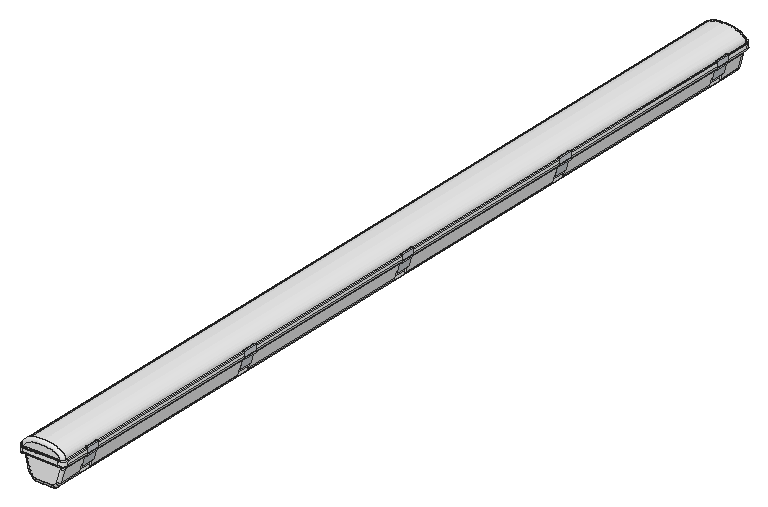
Revit family "0049130_s1200", category Lighting Fixtures, host Face, Revit 2017
Family settings
  Host = Face
  Round Connector Dimension = Use Diameter
  Part Type = Normal
  OmniClass Number = 23.80.70.11.14
  OmniClass Title = General Luminaries, Directional
  Cut with Voids When Loaded = Yes
  Light Source = Yes
  Shared = No
  Room Calculation Point = No
Parameters (values of type "0049130 ST WTRPRF S 1200 IP65 2800LM 840 SSH")
  Width = 84 mm
  Weight = "1.76 kg"
  Wattage Comments = "n/a"
  Wattage = 24 W
  WarrantyStartDate [instance] = "n/a"
  WarrantyGuarantorParts = "n/a"
  WarrantyDurationUnit = "n/a"
  WarrantyDurationParts = "n/a"
  WarrantyDescription = "n/a"
  built-in parameter 1150110 = 1 (stored number, unit not read)
  Voltage = 0 V
  URL = "http://www.sylvania-lighting.com"
  TypeName = "START Waterproof Single 1200 IP65 2800lm 840 SSH"
  Type Image = <None>
  Type Comments = "n/a"
  built-in parameter 1114217 = 1 (stored number, unit not read)
  Tilt Angle = -90.00°
  built-in parameter 1150109 = 1 (stored number, unit not read)
  built-in parameter 1150134 = 12
  built-in parameter 1150113 = 1 (stored number, unit not read)
  SerialNumber [instance] = "n/a"
  ReflectorMaterial = none
  PowerFactor = 0.96
  PowerConsumption = "24 W"
  Photometric Web File = "0049130.ies"
  NominalWidth = 0 mm
  NominalLength = 1278 mm
  NominalHeight = 75 mm
  Name = "START Waterproof Single 1200 IP65 2800lm 840 SSH"
  ModelReference = "START Waterproof Single 1200 IP65 2800lm 840 SSH"
  ModelNumber = "0049130"
  Model = "START Waterproof Single 1200 IP65 2800lm 840 SSH"
  Material = "pc polycarbonate housing, pc polycarbonate diffuser"
  ManufacturerName = "Feilo Sylvania"
  Manufacturer = "Feilo Sylvania"
  LuminousEfficacy = "115 lm/W"
  built-in parameter 1150105 = 219.63 (stored number, unit not read)
  Lumens = 2760 lm
  LuminaireType = ""
  built-in parameter 1150115 = 1 (stored number, unit not read)
  LightOutputRatio = "n/a"
  built-in parameter 1150137 = (empty or 0)
  built-in parameter 1150139 = (empty or 0)
  Length = 1572 mm
  LampsType = Lamp  # "LED"
  LampNominalLuminous = "2750 lm"
  LampMacAdamStep = "n/a"
  LampColourTemperature = "4000 K"
  LampColourRenderingIndex = "80"
  built-in parameter 1150112 = 1 (stored number, unit not read)
  built-in parameter 1150114 = 1 (stored number, unit not read)
  Lamp = "LED"
  Keynote = "16500"
  InstallationDate [instance] = "n/a"
  InputVoltage = "n/a"
  InputNominalFrequency = "n/a"
  built-in parameter 1150132 = (empty or 0)
  built-in parameter 1150102 = (empty or 0)
  built-in parameter 1150107 = 4000 (stored number, unit not read)
  built-in parameter 1150138 = (empty or 0)
  IngressProtection = "IP65"
  ImpactProtectionIndex = "IK08"
  built-in parameter 1150106 = 2.1963 (stored number, unit not read)
  IfcExportType = "IfcLightFixtureType"
  IfcExportAs = "IfcLightFixtureType"
  ExpectedLife = 50000
  Emit from Rectangle Width = Width - 20 mm  # 64 mm
  Emit from Rectangle Length = Length - 20 mm  # 1552 mm
  Emit Shape Visible in Rendering = no
  ElectricShockClassification = "Class I"
  built-in parameter 1150104 = 10.684 (stored number, unit not read)
  DurationUnit = "hours"
  DocumentationLiterature = "http://www.sylvania-lighting.com/product/en-int/products/0049130"
  DimmingControlOptions = "n/a"
  Dimming Lamp Color Temperature Shift = <None>
  DiffuserMaterial = Diffuser-Sylvania-Transparent
  Description = "Start Waterproof, integrated LED weatherproof luminaire, with UV stabilized flat diffuser and linear prisms designed to achieve uniform lit appearance, optimise light output and to reduce glare, stainless steel diffuser clips and fixing brackets for surface mounting. Polycarbonate housing, Polycarbonate diffuser, 2750 lm, 24 W, 115 lm/W, 4000 K, drive current 350 mA, SSH,  CRI80, IP65, IK08, Class I,  nominal average life (h): 50,000 hrs, 1278 mm x 84 mm x 75 mm, energy class: A++ A+ A, D-mark"
  Default Elevation = 1219.2 mm
  CreatedOn = "7/11/2019"
  CreatedBy = "@sylvania-lighting.com"
  Cost = 0
  Color Filter = 16777215
  built-in parameter 1114216 [instance] = (empty or 0)
  ClassificationValue = "EF_70_80"
  ClassificationName = "Uniclass2015"
  BodyMaterial = Body-Sylvania-Gray
  BarCode [instance] = "n/a"
  built-in parameter 1114218 = 1 (stored number, unit not read)
  built-in parameter 1150133 = 10 (stored number, unit not read)
  AssetType = "Fixed"
  AssetIdentifier [instance] = "n/a"
  Assembly Code = "D5020200"
  Apparent Load = 24 VA
  AccessoryMaterial = Diffuser-Sylvania-Glow
Reference planes
  plane 1 "Center (Front/Back)": y = 0
  plane 2: z = 0
  plane 3 "Center (Left/Right)": x = 0
  plane 4: z = 54
  plane 5: x = -14.7
  plane 6: x = -21.8
  plane 7: x = -26.6
  plane 8: x = -29.2
  plane 9: z = 3
  plane 10: z = 7.8
  plane 11: z = 12.3
  plane 12: z = 36.6
  plane 13: z = 42.8
  plane 14: x = -38.1
  plane 15: z = 46.2
  plane 16: x = -42
  plane 17: y = 786
  plane 18: y = -786
  plane 19: x = 14.7
  plane 20: x = 21.8
  plane 21: x = 26.6
  plane 22: x = 29.2
  plane 23: x = 38.1
  plane 24: x = 42
  plane 25: y = 778.4
  plane 26: y = -778.4
  plane 27: y = -774.7
  plane 28: y = 774.7
  plane 29: z = 74
  plane 30: x = -38.5
  plane 31: x = 38.5
  plane 32: z = 55.2
  plane 33: y = -782.5
  plane 34: y = 782.5
  plane 35: x = -24.5
  plane 36: x = 24.5
  plane 37: x = -35.7
  plane 38: x = 35.7
  plane 39: z = 50.2
  plane 40: z = 24.6
  plane 41: y = -720
  plane 42: y = -734
  plane 43: y = -706
  plane 44: y = 720
  plane 45: y = -720
  plane 46: y = -734
  plane 47: y = -706
  plane 48: y = 720
  plane 49: y = 706
  plane 50: y = 734
  plane 51: y = -360
  plane 52: y = -374
  plane 53: y = -346
  plane 54: y = 0
  plane 55: y = -14
  plane 56: y = 14
  plane 57: y = 360
  plane 58: y = 346
  plane 59: y = 374
Forms (mm)
  Sweep 1, solid, material "Body-Sylvania-Gray" <- "BodyMaterial", detail levels medium+fine
    path origin (1223.4, -4572, 54) x (0, -1, 0) y (1, 0, 0)
      loop
        arc (-3796, -1265.4) -> (-3788.929, -1262.471) -> (-3786, -1255.4) r 10
        line (-3786, -1255.4) -> (-3786, -1191.4)
        arc (-3786, -1191.4) -> (-3788.929, -1184.329) -> (-3796, -1181.4) r 10
        line (-3796, -1181.4) -> (-5348, -1181.4)
        arc (-5348, -1181.4) -> (-5355.071, -1184.329) -> (-5358, -1191.4) r 10
        line (-5358, -1191.4) -> (-5358, -1255.4)
        arc (-5358, -1255.4) -> (-5355.071, -1262.471) -> (-5348, -1265.4) r 10
        line (-5348, -1265.4) -> (-3796, -1265.4)
    profile origin (-42, 0, 54) x (-1, 0, 0) y (0, 0, 1)
      loop
        line (0, 0) -> (-1, 0) -> (-1, -7.726)
        arc (-1, -7.726) -> (-1.994, -9.498) -> (-3.9, -10.2) r 2.937
        line (-3.9, -10.2) -> (-8.571, -10.2) -> (-8.571, -11.2) -> (-3.9, -11.2)
        arc (-3.9, -11.2) -> (-1.313, -10.231) -> (0, -7.8) r 3.937
        line (0, -7.8) -> (0, 0)
  Sweep 2, solid, material "Body-Sylvania-Gray" <- "BodyMaterial", detail levels medium+fine
    path origin (0, 0, 0) x (1, 0, 0) y (0, 0, 1)
      loop
        line (35.7, 42.8) -> (35.7, 36.6) -> (29.203, 12.31)
        arc (29.203, 12.31) -> (28.199, 9.884) -> (26.6, 7.8) r 10.052
        line (26.6, 7.8) -> (21.8, 3)
        arc (21.8, 3) -> (18.554, 0.781) -> (14.7, 0) r 9.902
        line (14.7, 0) -> (0, 0) -> (-14.7, 0)
        arc (-14.7, 0) -> (-18.554, 0.781) -> (-21.8, 3) r 9.902
        line (-21.8, 3) -> (-26.6, 7.8)
        arc (-26.6, 7.8) -> (-28.199, 9.884) -> (-29.203, 12.31) r 10.052
        line (-29.203, 12.31) -> (-35.7, 36.6) -> (-35.7, 42.8)
    profile origin (0, 0, 0) x (0, 0, -1) y (0, -1, 0)
      loop
        arc (0, 773.4) -> (-1.464, 776.936) -> (-5, 778.4) r 5
        line (-5, 778.4) -> (-7.8, 778.4) -> (-7.8, -778.4) -> (-5, -778.4)
        arc (-5, -778.4) -> (-1.464, -776.936) -> (0, -773.4) r 5
        line (0, -773.4) -> (0, 773.4)
  Extrusion 3, solid, material "Body-Sylvania-Gray" <- "BodyMaterial", detail levels medium+fine
    sketch origin (1524, 778.4, 1219.2) x (1, 0, 0) y (0, 0, 1)
      loop
        arc (-1545.668, -1204.874) -> (-1545.443, -1205.418) -> (-1545.085, -1205.885) r 2.252
        line (-1545.085, -1205.885) -> (-1540.231, -1210.738)
        arc (-1540.231, -1210.738) -> (-1539.534, -1211.227) -> (-1538.7, -1211.4) r 2.102
        line (-1538.7, -1211.4) -> (-1509.3, -1211.4)
        arc (-1509.3, -1211.4) -> (-1508.466, -1211.227) -> (-1507.769, -1210.738) r 2.102
        line (-1507.769, -1210.738) -> (-1502.915, -1205.885)
        arc (-1502.915, -1205.885) -> (-1502.557, -1205.418) -> (-1502.332, -1204.874) r 2.252
        line (-1502.332, -1204.874) -> (-1496.1, -1181.575) -> (-1496.1, -1176.4) -> (-1551.9, -1176.4) -> (-1551.9, -1181.575) -> (-1545.668, -1204.874)
    from 0 to 1556.8
  Sweep 4, solid, material "Diffuser-Sylvania-Transparent" <- "DiffuserMaterial", detail levels medium+fine
    path origin (0, 0, 0) x (1, 0, 0) y (0, 0, 1)
      loop
        spline (-38.5, 55.2) -> (-37.188, 60.066) -> (-33.342, 64.6) -> (-27.224, 68.494) -> (-19.25, 71.481) -> (-9.965, 73.359) -> (0, 74) -> (9.965, 73.359) -> (19.25, 71.481) -> (27.224, 68.494) -> (33.342, 64.6) -> (37.188, 60.066) -> (38.5, 55.2)
    profile origin (38.5, 0, 55.2) x (0, -1, 0) y (1, 0, 0)
      loop
        arc (782.5, -5.5) -> (780.889, -1.611) -> (777, 0) r 5.5
        line (777, 0) -> (-777, 0)
        arc (-777, 0) -> (-780.889, -1.611) -> (-782.5, -5.5) r 5.5
        line (-782.5, -5.5) -> (-782.5, -6.3) -> (-781.5, -6.3) -> (-781.5, -5.5)
        arc (-781.5, -5.5) -> (-780.182, -2.318) -> (-777, -1) r 4.5
        line (-777, -1) -> (777, -1)
        arc (777, -1) -> (780.182, -2.318) -> (781.5, -5.5) r 4.5
        line (781.5, -5.5) -> (781.5, -6.347) -> (782.5, -6.347) -> (782.5, -5.5)
  Extrusion 5, solid, material "Diffuser-Sylvania-Transparent" <- "DiffuserMaterial", detail levels medium+fine
    sketch origin (1524, -782.5, 1219.2) x (1, 0, 0) y (0, 0, 1)
      loop
        line (-1556.653, -1164) -> (-1491.347, -1164)
        spline (-1491.347, -1164) -> (-1491.939, -1161.945) -> (-1494.434, -1159.066) -> (-1499.342, -1155.96) -> (-1506.338, -1153.35) -> (-1514.799, -1151.648) -> (-1524, -1151.047) -> (-1533.201, -1151.648) -> (-1541.662, -1153.35) -> (-1548.658, -1155.96) -> (-1553.566, -1159.066) -> (-1556.061, -1161.945) -> (-1556.653, -1164)
    from 0 to -1
  Extrusion 6, solid, material "Diffuser-Sylvania-Transparent" <- "DiffuserMaterial", detail levels medium+fine
    sketch origin (1524, 782.5, 1219.2) x (1, 0, 0) y (0, 0, 1)
      loop
        spline (-1491.3, -1164) -> (-1491.898, -1161.922) -> (-1494.404, -1159.03) -> (-1499.322, -1155.918) -> (-1506.325, -1153.305) -> (-1514.793, -1151.602) -> (-1524, -1151) -> (-1533.207, -1151.602) -> (-1541.675, -1153.305) -> (-1548.678, -1155.918) -> (-1553.596, -1159.03) -> (-1556.102, -1161.922) -> (-1556.7, -1164)
        line (-1556.7, -1164) -> (-1491.3, -1164)
    from 0 to 1
  Extrusion 7, solid, material "Diffuser-Sylvania-Glow" <- "AccessoryMaterial", detail levels fine
    sketch origin (0, 0, 0) x (1, 0, 0) y (0, 0, 1)
      loop
        circle (0, 50.2) r 8
    from -774.7 to 774.7
  Extrusion 8, void
    sketch origin (0, -720, 2343.807) x (0, 0, -1) y (-1, 0, 0)
      loop
        line (2340.807, -24.5) -> (2331.507, -24.5) -> (2319.207, -29.2) -> (2319.207, -35.7) -> (2340.807, -35.7) -> (2340.807, -24.5)
      loop
        line (2340.807, 24.5) -> (2340.807, 35.7) -> (2319.207, 35.7) -> (2319.207, 29.2) -> (2331.507, 24.5) -> (2340.807, 24.5)
    from 14 to -14
  Extrusion 9, void, not visible
    sketch origin (0, -720, 2343.807) x (0, 0, -1) y (-1, 0, 0)
      loop
        line (2340.807, -24.5) -> (2331.507, -24.5) -> (2319.207, -29.2) -> (2319.207, -35.7) -> (2340.807, -35.7) -> (2340.807, -24.5)
      loop
        line (2340.807, 24.5) -> (2340.807, 35.7) -> (2319.207, 35.7) -> (2319.207, 29.2) -> (2331.507, 24.5) -> (2340.807, 24.5)
    from 14 to -14
  Extrusion 10, void
    sketch origin (0, 720, 2343.807) x (0, 0, -1) y (-1, 0, 0)
      loop
        line (2340.807, -24.5) -> (2331.507, -24.5) -> (2319.207, -29.2) -> (2319.207, -35.7) -> (2340.807, -35.7) -> (2340.807, -24.5)
      loop
        line (2340.807, 24.5) -> (2340.807, 35.7) -> (2319.207, 35.7) -> (2319.207, 29.2) -> (2331.507, 24.5) -> (2340.807, 24.5)
    from 14 to -14
  Extrusion 11, void
    sketch origin (0, -360, 2343.807) x (0, 0, -1) y (-1, 0, 0)
      loop
        line (2340.807, -24.5) -> (2331.507, -24.5) -> (2319.207, -29.2) -> (2319.207, -35.7) -> (2340.807, -35.7) -> (2340.807, -24.5)
      loop
        line (2340.807, 24.5) -> (2340.807, 35.7) -> (2319.207, 35.7) -> (2319.207, 29.2) -> (2331.507, 24.5) -> (2340.807, 24.5)
    from 14 to -14
  Extrusion 12, void
    sketch origin (0, 0, 2343.807) x (0, 0, -1) y (-1, 0, 0)
      loop
        line (2340.807, -24.5) -> (2331.507, -24.5) -> (2319.207, -29.2) -> (2319.207, -35.7) -> (2340.807, -35.7) -> (2340.807, -24.5)
      loop
        line (2340.807, 24.5) -> (2340.807, 35.7) -> (2319.207, 35.7) -> (2319.207, 29.2) -> (2331.507, 24.5) -> (2340.807, 24.5)
    from 14 to -14
  Extrusion 13, void
    sketch origin (0, 360, 2343.807) x (0, 0, -1) y (-1, 0, 0)
      loop
        line (2340.807, -24.5) -> (2331.507, -24.5) -> (2319.207, -29.2) -> (2319.207, -35.7) -> (2340.807, -35.7) -> (2340.807, -24.5)
      loop
        line (2340.807, 24.5) -> (2340.807, 35.7) -> (2319.207, 35.7) -> (2319.207, 29.2) -> (2331.507, 24.5) -> (2340.807, 24.5)
    from 14 to -14
  Extrusion 14, solid, material "Diffuser-Sylvania-Transparent" <- "DiffuserMaterial", detail levels medium+fine
    sketch origin (1223.4, -4572, 54) x (0, -1, 0) y (-1, 0, 0)
      loop
        arc (-5348, 1265.4) -> (-5355.071, 1262.471) -> (-5358, 1255.4) r 10
        line (-5358, 1255.4) -> (-5358, 1191.4)
        arc (-5358, 1191.4) -> (-5355.071, 1184.329) -> (-5348, 1181.4) r 10
        line (-5348, 1181.4) -> (-3796, 1181.4)
        arc (-3796, 1181.4) -> (-3788.929, 1184.329) -> (-3786, 1191.4) r 10
        line (-3786, 1191.4) -> (-3786, 1255.4)
        arc (-3786, 1255.4) -> (-3788.929, 1262.471) -> (-3796, 1265.4) r 10
        line (-3796, 1265.4) -> (-5348, 1265.4)
      loop
        arc (-5354.5, 1190.394) -> (-5352.887, 1186.509) -> (-5349, 1184.9) r 5.5
        line (-5349, 1184.9) -> (-3795, 1184.9)
        arc (-3795, 1184.9) -> (-3791.113, 1186.509) -> (-3789.5, 1190.394) r 5.5
        line (-3789.5, 1190.394) -> (-3789.5, 1256.406)
        arc (-3789.5, 1256.406) -> (-3791.113, 1260.291) -> (-3795, 1261.9) r 5.5
        line (-3795, 1261.9) -> (-5349, 1261.9)
        arc (-5349, 1261.9) -> (-5352.887, 1260.291) -> (-5354.5, 1256.406) r 5.5
        line (-5354.5, 1256.406) -> (-5354.5, 1190.394)
    from 0 to -1.2
  Extrusion 15, solid, material "Body-Sylvania-Gray" <- "BodyMaterial", detail levels coarse
    sketch origin (0, 0, 0) x (1, 0, 0) y (0, 0, 1)
      loop
        line (-42, 55.2) -> (-42, 42.8) -> (-26.6, 0) -> (26.6, 0) -> (42, 42.8) -> (42, 55.2) -> (-42, 55.2)
    from -786 to 786
  Extrusion 16, solid, material "Diffuser-Sylvania-Transparent" <- "DiffuserMaterial", detail levels coarse
    sketch origin (0, 0, 0) x (1, 0, 0) y (0, 0, 1)
      loop
        line (-38.5, 55.2) -> (38.5, 55.2)
        arc (38.5, 55.2) -> (0, 74) -> (-38.5, 55.2) r 48.822
    from -778.4 to 778.4
Cuts and joins
  Extrusion 8, Extrusion 10, Extrusion 11, Extrusion 12, Extrusion 13 cuts Sweep 2
  Extrusion 8, Extrusion 10, Extrusion 11, Extrusion 12, Extrusion 13 cuts Extrusion 3
  joined: Sweep 2, Extrusion 3
  joined: Sweep 4, Extrusion 5, Extrusion 6, Extrusion 14
Dimensions and locks
  locked: plane 4 to plane 2 at 54
  plane 5 to plane 6 to plane 7 to plane 8 to plane 14 to plane 16 = 7.1 mm locked, 4.8 mm locked, 2.6 mm locked, 8.9 mm locked, 3.9 mm locked
  plane 4 to plane 15 to plane 13 to plane 12 to plane 11 to plane 10 to plane 9 = 7.8 mm locked, 3.4 mm, 6.2 mm locked, 24.3 mm locked, 4.5 mm locked, 4.8 mm locked
  equal spacing: plane 18, plane 1 "Center (Front/Back)", plane 17
  "Length": plane 18 to plane 17
  plane 19 to plane 20 to plane 21 to plane 22 to plane 23 to plane 24 = 7.1 mm locked, 4.8 mm locked, 2.6 mm locked, 8.9 mm, 3.9 mm
  equal spacing: plane 24, plane 3 "Center (Left/Right)", plane 16
  "Width": plane 24 to plane 16
  equal spacing: plane 27, plane 1 "Center (Front/Back)", plane 28
  locked: plane 26 to plane 27 at 3.7
  locked: Sweep 1 sketch curve to profile plane at 1
  locked: Sweep 1 sketch curve to plane 13 at 1
  locked: Sweep 1 sketch curve to plane 13 at 3.937  (x2)
  locked: Sweep 1 sketch curve to profile plane at 3.9  (x2)
  plane 29 to plane 4 = 20 mm
  equal spacing: plane 31, plane 3 "Center (Left/Right)", plane 30
  locked: plane 30 to plane 16 at 3.5
  locked: plane 32 to plane 4 at 1.2
  equal spacing: plane 33, plane 1 "Center (Front/Back)", plane 34
  equal spacing: plane 36, plane 3 "Center (Left/Right)", plane 35
  locked: plane 34 to plane 17 at 3.5
  equal spacing: plane 38, plane 3 "Center (Left/Right)", plane 37
  locked: plane 37 to plane 16 at 6.3
  equal spacing: plane 25, plane 1 "Center (Front/Back)", plane 26
  locked: plane 17 to plane 25 at 7.6
  locked: Sweep 2 sketch curve to plane 2 at 5  (x2)
  locked: Sweep 2 sketch curve to plane 26 at 5
  locked: plane 25 to Sweep 2 sketch curve at 5
  locked: Sweep 4 sketch curve to plane 31 at 5.5  (x2)
  locked: Sweep 4 sketch curve to plane 34 at 5.5
  plane 33 to Sweep 4 sketch curve = 5.5 mm
  locked: plane 34 to Sweep 4 sketch curve at 1
  locked: Sweep 4 sketch curve to plane 31 at 1
  locked: Sweep 4 sketch curve to Sweep 4 sketch curve at 1
  locked: Sweep 4 sketch curve to plane 31 at 6.347
  locked: Sweep 4 sketch curve to plane 31 at 6.3
  locked: plane 40 to plane 2 at 24.6
  locked: plane 6 to plane 35 at 2.7
  locked: plane 1 "Center (Front/Back)" to plane 41 at 720
  plane 43 to plane 41 to plane 42 = 14 mm locked, 14 mm locked
  locked: plane 44 to plane 1 "Center (Front/Back)" at 720
  plane 47 to plane 45 to plane 46 = 14 mm locked, 14 mm locked
  plane 50 to plane 48 to plane 49 = 14 mm locked, 14 mm locked  (x2)
  equal spacing: group 1, group 6, group 7, group 8, group 5  (x3)
  plane 53 to plane 51 to plane 52 = 14 mm locked, 14 mm locked  (x2)
  plane 56 to plane 54 to plane 55 = 14 mm locked, 14 mm locked  (x2)
  plane 59 to plane 57 to plane 58 = 14 mm locked, 14 mm locked  (x2)
  plane 48 to plane 57 to plane 1 "Center (Front/Back)" to plane 51 to plane 41 = 360 mm locked, 360 mm locked, 360 mm locked, 360 mm locked
  aligned and locked: plane 2 to host face
  aligned and locked: level to host face
  aligned and locked: plane 16 to Sweep 1 sketch curve
  aligned and locked: Sweep 1 sketch curve to plane 24
  aligned and locked: plane 18 to Sweep 1 sketch curve
  aligned and locked: Sweep 1 sketch curve to plane 13
  aligned and locked: profile plane to Sweep 1 sketch curve
  aligned and locked: plane 3 "Center (Left/Right)" to Sweep 2 sketch curve
  aligned and locked: plane 9 to Sweep 2 sketch curve
  aligned and locked: plane 10 to Sweep 2 sketch curve
  aligned and locked: plane 37 to Sweep 2 sketch curve
  aligned and locked: plane 12 to Sweep 2 sketch curve
  aligned and locked: Sweep 2 sketch curve to level
  aligned and locked: plane 21 to Sweep 2 sketch curve
  aligned and locked: plane 38 to Sweep 2 sketch curve
  aligned and locked: profile plane to Sweep 2 sketch curve
  aligned and locked: plane 25 to Sweep 2 sketch curve
  aligned and locked: Sweep 2 sketch curve to plane 10
  aligned and locked: Extrusion 3 sketch curve to Sweep 2  (x7)
  aligned and locked: Sweep 2 to Extrusion 3 sketch curve
  aligned and locked: Extrusion 3 to plane 25
  aligned and locked: plane 26 to Extrusion 3
  aligned and locked: plane 32 to Sweep 4 sketch curve
  aligned and locked: plane 33 to Sweep 4 sketch curve
  aligned and locked: Sweep 4 to Extrusion 5
  aligned and locked: plane 33 to Extrusion 5
  aligned and locked: plane 39 to Extrusion 7 sketch curve
  aligned and locked: plane 27 to Extrusion 7
  aligned and locked: Extrusion 7 to plane 28
  aligned and locked: Extrusion 6 sketch curve to Sweep 4
  aligned and locked: Extrusion 5 sketch curve to Sweep 4
  aligned and locked: Extrusion 8 to plane 43
  aligned and locked: plane 42 to Extrusion 8
  aligned and locked: Extrusion 10 to plane 50
  aligned and locked: plane 49 to Extrusion 10
  aligned and locked: Extrusion 11 to plane 53
  aligned and locked: plane 52 to Extrusion 11
  aligned and locked: Extrusion 12 to plane 56
  aligned and locked: plane 55 to Extrusion 12
  aligned and locked: Extrusion 13 to plane 59
  aligned and locked: plane 58 to Extrusion 13
  aligned and locked: plane 3 "Center (Left/Right)" to Extrusion 7 sketch curve
  aligned and locked: Extrusion 14 sketch curve to Sweep 1  (x4)
  aligned and locked: Extrusion 14 to plane 32
  aligned and locked: plane 4 to Extrusion 14
  aligned and locked: plane 48 to nested 1
  aligned and locked: plane 57 to nested 2
  aligned and locked: plane 54 to nested 3
  aligned and locked: nested 4 to plane 51
  aligned and locked: nested 5 to plane 41
  aligned and locked: plane 41 to nested 10
  aligned and locked: plane 51 to nested 9
  aligned and locked: plane 54 to nested 8
  aligned and locked: plane 57 to nested 7
  aligned and locked: plane 48 to nested 6
  aligned and locked: plane 1 "Center (Front/Back)" to imposter light
  aligned and locked: plane 3 "Center (Left/Right)" to imposter light
  aligned and locked: imposter light to plane 29
  aligned and locked: plane 7 to Extrusion 15 sketch curve
  aligned and locked: plane 2 to Extrusion 15 sketch curve
  aligned and locked: Extrusion 15 sketch curve to nested 6
  aligned and locked: Extrusion 15 sketch curve to nested 1
  aligned and locked: plane 18 to Extrusion 15
  aligned and locked: Extrusion 15 to plane 17
  aligned and locked: Extrusion 15 to Sweep 1  (x2)
  aligned and locked: plane 30 to Extrusion 16 sketch curve
  aligned and locked: plane 31 to Extrusion 16 sketch curve
  aligned and locked: Extrusion 16 sketch curve to cut or joined group of Sweep 4, Extrusion 5, Extrusion 6, Extrusion 14
  aligned and locked: Extrusion 16 to plane 25
  aligned and locked: plane 26 to Extrusion 16
Automatic sketch dimensions
  host sketch curve to host sketch curve = 2438.4 mm  (x2)
  plane 17 to Sweep 1 sketch curve = 0 mm
  Sweep 1 sketch curve to plane 28 = 1.3 mm
  Sweep 1 sketch curve to plane 7 = 5.4 mm
  plane 27 to Sweep 1 sketch curve = 1.3 mm  (x2)
  Sweep 1 sketch curve to Sweep 1 sketch curve = 4.671 mm
  Sweep 1 sketch curve to plane 4 = 0 mm
  Sweep 2 sketch curve to plane 7 = 0 mm
  Sweep 2 sketch curve to plane 6 = 0 mm
  Sweep 2 sketch curve to plane 5 = 0 mm
  plane 19 to Sweep 2 sketch curve = 0 mm
  Sweep 2 sketch curve to plane 9 = 0 mm
  plane 20 to Sweep 2 sketch curve = 0 mm
  Sweep 2 sketch curve to plane 12 = 0 mm
  Sweep 2 sketch curve to plane 10 = 0 mm
  Sweep 2 sketch curve to plane 13 = 0 mm  (x2)
  Sweep 2 sketch curve to plane 8 = 0.003 mm
  plane 6 to Sweep 2 sketch curve = 2.308 mm
  plane 20 to Sweep 2 sketch curve = 2.308 mm
  Sweep 2 sketch curve to plane 22 = 0.003 mm
  Sweep 2 sketch curve to plane 11 = 0.01 mm  (x2)
  Extrusion 3 sketch curve to plane 5 = 0 mm
  plane 19 to Extrusion 3 sketch curve = 0 mm
  plane 6 to Extrusion 3 sketch curve = 0.132 mm
  plane 6 to Extrusion 3 sketch curve = 0.715 mm
  Extrusion 3 sketch curve to Extrusion 3 sketch curve = 1.592 mm
  Extrusion 3 sketch curve to plane 10 = 0.662 mm  (x2)
  plane 20 to Extrusion 3 sketch curve = 2.308 mm
  plane 20 to Extrusion 3 sketch curve = 0.715 mm
  plane 20 to Extrusion 3 sketch curve = 0.132 mm
  Sweep 4 sketch curve to plane 30 = 0 mm
  Sweep 4 sketch curve to plane 3 "Center (Left/Right)" = 0 mm
  Sweep 4 sketch curve to Sweep 4 sketch curve = 0 mm  (x2)
  plane 37 to Extrusion 6 sketch curve = 3 mm
  Extrusion 6 sketch curve to plane 38 = 3 mm
  plane 37 to Extrusion 5 sketch curve = 3.047 mm
  Extrusion 5 sketch curve to plane 38 = 3.047 mm
  Extrusion 8 sketch curve to Extrusion 8 sketch curve = 0 mm
  Extrusion 8 sketch curve to Extrusion 8 sketch curve = 12.3 mm  (x2)
  Extrusion 8 sketch curve to Extrusion 8 sketch curve = 9.3 mm  (x2)
  Extrusion 8 sketch curve to Extrusion 8 sketch curve = 6.5 mm  (x2)
  Extrusion 8 sketch curve to Extrusion 8 sketch curve = 4.7 mm  (x2)
  Extrusion 8 sketch curve to Extrusion 8 sketch curve = 49 mm
  Extrusion 9 sketch curve to Extrusion 9 sketch curve = 0 mm
  Extrusion 9 sketch curve to Extrusion 9 sketch curve = 12.3 mm  (x2)
  Extrusion 9 sketch curve to Extrusion 9 sketch curve = 9.3 mm  (x2)
  Extrusion 9 sketch curve to Extrusion 9 sketch curve = 6.5 mm  (x2)
  Extrusion 9 sketch curve to Extrusion 9 sketch curve = 4.7 mm  (x2)
  Extrusion 9 sketch curve to Extrusion 9 sketch curve = 49 mm
  Extrusion 10 sketch curve to Extrusion 10 sketch curve = 0 mm
  Extrusion 10 sketch curve to Extrusion 10 sketch curve = 12.3 mm  (x2)
  Extrusion 10 sketch curve to Extrusion 10 sketch curve = 9.3 mm  (x2)
  Extrusion 10 sketch curve to Extrusion 10 sketch curve = 6.5 mm  (x2)
  Extrusion 10 sketch curve to Extrusion 10 sketch curve = 4.7 mm  (x2)
  Extrusion 10 sketch curve to Extrusion 10 sketch curve = 49 mm
  Extrusion 11 sketch curve to Extrusion 11 sketch curve = 0 mm
  Extrusion 11 sketch curve to Extrusion 11 sketch curve = 12.3 mm  (x2)
  Extrusion 11 sketch curve to Extrusion 11 sketch curve = 9.3 mm  (x2)
  Extrusion 11 sketch curve to Extrusion 11 sketch curve = 6.5 mm  (x2)
  Extrusion 11 sketch curve to Extrusion 11 sketch curve = 4.7 mm  (x2)
  Extrusion 11 sketch curve to Extrusion 11 sketch curve = 49 mm
  Extrusion 12 sketch curve to Extrusion 12 sketch curve = 0 mm
  Extrusion 12 sketch curve to Extrusion 12 sketch curve = 12.3 mm  (x2)
  Extrusion 12 sketch curve to Extrusion 12 sketch curve = 9.3 mm  (x2)
  Extrusion 12 sketch curve to Extrusion 12 sketch curve = 6.5 mm  (x2)
  Extrusion 12 sketch curve to Extrusion 12 sketch curve = 4.7 mm  (x2)
  Extrusion 12 sketch curve to Extrusion 12 sketch curve = 49 mm
  Extrusion 13 sketch curve to Extrusion 13 sketch curve = 0 mm
  Extrusion 13 sketch curve to Extrusion 13 sketch curve = 12.3 mm  (x2)
  Extrusion 13 sketch curve to Extrusion 13 sketch curve = 9.3 mm  (x2)
  Extrusion 13 sketch curve to Extrusion 13 sketch curve = 6.5 mm  (x2)
  Extrusion 13 sketch curve to Extrusion 13 sketch curve = 4.7 mm  (x2)
  Extrusion 13 sketch curve to Extrusion 13 sketch curve = 49 mm
  Extrusion 14 sketch curve to plane 34 = 0 mm
  plane 30 to Extrusion 14 sketch curve = 0 mm
  Extrusion 14 sketch curve to plane 31 = 0 mm
  plane 33 to Extrusion 14 sketch curve = 0 mm
  plane 25 to Extrusion 14 sketch curve = 1.4 mm  (x4)
  Extrusion 14 sketch curve to plane 26 = 1.4 mm  (x4)
  plane 37 to Extrusion 14 sketch curve = 2.694 mm  (x2)
  Extrusion 14 sketch curve to plane 38 = 2.694 mm  (x2)
  plane 21 to Extrusion 15 sketch curve = 0 mm
  Extrusion 15 sketch curve to plane 13 = 0 mm  (x2)
  Extrusion 15 sketch curve to plane 32 = 0 mm
  Extrusion 16 sketch curve to plane 40 = 0.578 mm
  radius of Extrusion 7 sketch curve = 8 mm
Nested families
  nested 1: "Clip" at (-29.2, 720, 24.6) x (-1, 0, 0) z (0, 0, 1), type "Clip", detail levels fine
  nested 2: "Clip" at (-29.2, 360, 24.6) x (-1, 0, 0) z (0, 0, 1), type "Clip", detail levels fine
  nested 3: "Clip" at (-29.2, 0, 24.6) x (-1, 0, 0) z (0, 0, 1), type "Clip", detail levels fine
  nested 4: "Clip" at (-29.2, -360, 24.6) x (-1, 0, 0) z (0, 0, 1), type "Clip", detail levels fine
  nested 5: "Clip" at (-29.2, -720, 24.6) x (-1, 0, 0) z (0, 0, 1), type "Clip", detail levels fine
  nested 6: "Clip" at (29.2, 720, 24.6), type "Clip", detail levels fine
  nested 7: "Clip" at (29.2, 360, 24.6), type "Clip", detail levels fine
  nested 8: "Clip" at (29.2, 0, 24.6), type "Clip", detail levels fine
  nested 9: "Clip" at (29.2, -360, 24.6), type "Clip", detail levels fine
  nested 10: "Clip" at (29.2, -720, 24.6), type "Clip", detail levels fine
Connectors
  electrical at (0, 0, 0), driven by "Apparent Load"
    settings: index 1, voltage 230 V, apparent load 24 VA, apparent load phase1 0 VA, apparent load phase2 0 VA, apparent load phase3 0 VA, power factor 0, load classification "Lighting", number of poles 1, system type 30, power factor state 1, is connector primary yes, connector utility no, sub classification motor no, connector description ""
Definition of nested family "Clip"
  Parameters (values of type "Clip")
    URL = "http://www.feilosylvania.com"
    Type Comments = "n/a"
    Model = "n/a"
    Manufacturer = "Feilo Sylvania"
    Keynote = "n/a"
    Description = "n/a"
    Default Elevation = 1219.2 mm
    Cost = 0
    BodyMaterial = none
    Assembly Code = "n/a"
  Reference planes
    plane 1 "Center (Front/Back)": y = 0
    plane 2: z = 0
    plane 3 "Center (Left/Right)": x = 0
    plane 4: x = 3.3
    plane 5: x = 6.5
    plane 6: x = 8.9
    plane 7: x = 12.8
    plane 8: z = 12
    plane 9: z = 18.2
    plane 10: z = 21.6
    plane 11: z = 30.6
    plane 12: x = 9.3
    plane 13: z = 19.2
    plane 14: z = 16.2
    plane 15: x = 10.1
    plane 16: y = 12
    plane 17: y = -12
  Forms (mm)
    Extrusion 1, solid
      sketch origin (-0.8, 0, 0) x (1, 0, 0) y (0, 1, 0)
        loop
          line (-1219.2, 1219.2) -> (-1219.2, -1219.2) -> (1219.2, -1219.2) -> (1219.2, 1219.2) -> (-1219.2, 1219.2)
      from 0 to -304.8
    Extrusion 2, solid
      sketch origin (0, 0, 0) x (1, 0, 0) y (0, 0, 1)
        loop
          line (8.9, 16.2) -> (4.58, 0) -> (0, 0) -> (0, -0.8) -> (5.195, -0.8) -> (9.603, 15.731) -> (13.6, 18.806) -> (13.6, 30.6)
          arc (13.6, 30.6) -> (11.45, 32.75) -> (9.3, 30.6) r 2.15
          line (9.3, 30.6) -> (10.1, 30.6)
          arc (10.1, 30.6) -> (11.45, 31.95) -> (12.8, 30.6) r 1.35
          line (12.8, 30.6) -> (12.8, 19.2) -> (8.9, 16.2)
      from -12 to 12
  Lines and regions (mm)
    reference lines
      curve 1: line (3.3, 0, 0) -> (6.5, 0, 12)
      curve 2: arc (8.9, 0, 18.2) -> (11.488, 0, 19.169) -> (12.8, 0, 21.6) r 3.934
  Dimensions and locks
    plane 7 to plane 6 to plane 5 to plane 4 to plane 3 "Center (Left/Right)" = 3.9 mm locked, 2.4 mm locked, 3.2 mm locked, 3.3 mm locked
    plane 11 to plane 10 to plane 9 to plane 8 to plane 2 = 9 mm locked, 3.4 mm locked, 6.2 mm locked, 12 mm locked
    locked: plane 7 to plane 12 at 3.5
    locked: plane 13 to plane 9 at 1
    locked: plane 9 to plane 14 at 2
    locked: plane 15 to plane 12 at 0.8
    locked: plane 2 to Extrusion 2 sketch curve at 0.8
    locked: Extrusion 2 sketch curve to Extrusion 2 sketch curve at 0.8  (x3)
    locked: plane 7 to Extrusion 2 sketch curve at 1.35
    equal spacing: plane 17, plane 1 "Center (Front/Back)", plane 16
    locked: plane 1 "Center (Front/Back)" to plane 16 at 12
    aligned and locked: plane 2 to Extrusion 1
    aligned and locked: level to Extrusion 1
    aligned and locked: plane 4 to curve 1
    aligned and locked: plane 5 to curve 1
    aligned and locked: plane 6 to curve 2
    aligned and locked: plane 10 to curve 2
    aligned and locked: plane 14 to Extrusion 2 sketch curve
    aligned and locked: plane 13 to Extrusion 2 sketch curve
    aligned and locked: plane 7 to Extrusion 2 sketch curve
    aligned and locked: plane 3 "Center (Left/Right)" to Extrusion 2 sketch curve
    aligned and locked: Extrusion 2 sketch curve to level
    aligned and locked: Extrusion 2 sketch curve to plane 11
    aligned and locked: plane 11 to Extrusion 2 sketch curve
    aligned and locked: Extrusion 2 to plane 16
    aligned and locked: plane 17 to Extrusion 2
  Automatic sketch dimensions
    Extrusion 1 sketch curve to Extrusion 1 sketch curve = 2438.4 mm  (x2)
    curve 2 to plane 7 = 0 mm
    curve 1 to level = 0 mm
    curve 1 to plane 8 = 0 mm
    curve 2 to plane 9 = 0 mm
    plane 6 to curve 2 = 0.002 mm
    Extrusion 2 sketch curve to Extrusion 2 sketch curve = 0 mm
    Extrusion 2 sketch curve to plane 6 = 0 mm
    plane 4 to Extrusion 2 sketch curve = 1.28 mm
